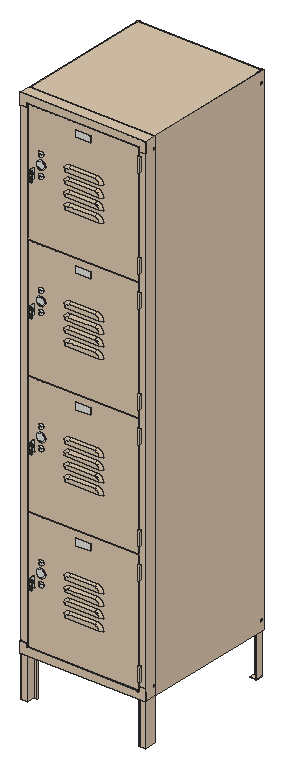
Revit family "Metal_Lockers-Salsbury_Industries-18_54000_Series-1_Wide_Units", category Specialty Equipment, Revit 2026
Family settings
  Round Connector Dimension = Use Diameter
  Part Type = Normal
  Classification Number = 23.40.00.00
  Work Plane-Based = No
  Enable Cutting in Views = No
  Always vertical = Yes
  Cut with Voids When Loaded = No
  Maintain Annotation Orientation = No
  Shared = No
  Room Calculation Point = No
Parameters (values of type "18-54161 - with Standard 6" High Legs")
  Zee Base Corner - Right Side [instance] = Metal Locker Zee Base Corner : None
  Zee Base Corner - Left Side [instance] = Metal Locker Zee Base Corner : None
  Zee Base - Right Side [instance] = Metal Locker Zee Base-Right Side : None
  Zee Base - Left Side [instance] = Metal Locker Zee Base-Left Side : None
  Zee Base = Metal Locker Zee Base : None
  Width = 18.040"
  Version = "2.0 (02/28/18)"
  Unit Height including Sloping Hood Only [instance] = 84.796"
  Unit Height = 72.000"
  URL = "www.lockers.com"
  Type Comments = "18\" Wide Standard Metal Locker - Four Tier"
  Total Door(s) Height [instance] = 69.81949"
  Test Data = "https://www.lockers.com/videolibrary/"
  Specification = "https://www.lockers.com/architect-resources//"
  Sloping Top In-Line Filler - Right Side [instance] = Metal Locker Sloping Top Filler : None
  Sloping Top In-Line Filler - Left Side [instance] = Metal Locker Sloping Top Filler : None
  Sloping Top Corner Filler - Right Side [instance] = Metal Locker Sloping Corner Filler : None
  Sloping Top Corner Filler - Left Side [instance] = Metal Locker Sloping Corner Filler : None
  Sloping Hood Height = if(Depth = 18.010", 10.739", if(Depth = 21.010", 12.796", 0.000"))  # 12.796"
  Sloping Hood [instance] = Metal Locker Sloping Hood : None
  Sloping Corner Filler Offset = if(Base Height = 6.000", 77.680", if(Base Height = 4.000", 75.680", if(Base Height = 0.000", 71.680", 0.000")))  # 77.680"
  Sales Information = "https://www.lockers.com/request_a_quote/"
  Right Side Base [instance] = Metal Locker Right Side Base : None
  Revision = "R1_2018-10"
  Product Data = "https://www.lockers.com/downloads__catalog/"
  Primary Structure Material [instance] = Steel - Salsbury Finish = Tan
  Overall Width including Rivets [instance] = 18.120"
  Unit Height including Base Only [instance] = 78.000"
  Overall Unit Height (including Base and Sloping Hood) [instance] = 90.796"
  OmniClass 23 Title = "Equipment and Furnishings"
  OmniClass 23 Number = "23.40.00.00"
  Model = "18-54161"
  MasterFormat Title = "Lockers"
  MasterFormat Number = "10 51 13"
  Manufacturer Website = "https://www.lockers.com/"
  Manufacturer Phone - Toll Free = "1-800-562-5377"
  Manufacturer Phone = "(323) 846-6700"
  Manufacturer Fax = "1-800-562-5399"
  Manufacturer Address = "1010 East 62nd Street, Los Angeles, CA 90001-1598"
  Manufacturer = "Salsbury Industries"
  Left Side Base [instance] = Metal Locker Left Side Base : None
  Keynote = "10 51 00"
  Installation-Fabrication = "https://www.lockers.com/downloads__installation_instructions/"
  Individual Door Height = 17.360"
  Hasp Plate Rivet Material = Steel -Salsbury Finish - Polished Steel
  Hasp Handle Material = Plastic - Salsbury Finish - Black
  Green Building-LEED = "https://www.arcat.com/green/green_building.shtml"
  Front Vertical Filler - Right [instance] = Metal Locker Front Filler : None
  Front Vertical Filler - Left [instance] = Metal Locker Front Filler : None
  Front Base [instance] = Metal Locker Front Base : None
  Flat Top In-Line Filler - Right Side [instance] = Metal Locker Flat Top Filler : None
  Flat Top In-Line Filler - Left Side [instance] = Metal Locker Flat Top Filler : None
  Flat Top Corner Filler - Right Side [instance] = Metal Locker Flat Corner Filler : None
  Flat Top Corner Filler - Left Side [instance] = Metal Locker Flat Corner Filler : None
  Individual Door Width [instance] = 15.90055"
  End Panel - Right Side [instance] = Metal Locker End Panel : None
  End Panel - Left Side [instance] = Metal Locker End Panel : None
  Drawn By = "Sumex Design, Inc. / Robert S. Weygant, CSI, CDT, SCIP"
  Door Location D1 = Metal Locker Doors-18 inch with Latch Hasps : Four Tier Door - 6 foot
  Description = "1 Wide - 6 Feet High - 21 Inches Deep"
  Depth = 21.010"
  Default Elevation = 0.000"
  Copyright = "©Arcat Inc."
  Construction Details = "https://www.lockers.com/downloads__catalog/"
  Compartment Divider Height = Individual Door Height - 0.375"  # 16.985"
  Category = ""
  Building Codes = "https://www.lockers.com/downloads__forms_and_information/"
  Base Height = 6.000"
  Standard Leg Base = Metal Locker Legs : 6" High - 18"W x 21"D
  Assembly Code = "C1030310"
Reference planes (in)
  plane 1 "Center (Front/Back)": y = 0
  plane 2: z = 0
  plane 3 "Center (Left/Right)": x = 0
  plane 4 "Floor": z = 0
  plane 5 "Bottom of Unit": z = 6
  plane 6 "Top of Unit": z = 78
  plane 7 "Left Side of Unit": x = -9.02
  plane 8 "Right Side of Unit": x = 9.02
  plane 9 "Back of Unit": y = 10.505
  plane 10 "Front of Unit": y = -10.505
  plane 11 "Top of Sloping Hood": z = 90.796
  plane 12 "Left Rivet": x = -9.06
  plane 13 "Right Rivet": x = 9.06
  plane 14 "Right Side of Door Opening": x = 8.02
  plane 15 "Left Side of Door Opening": x = -8.02
  plane 16 "Top of Door Opening": z = 77
  plane 17 "Bottom of Door Opening": z = 7
  plane 18 "Back Edge of Front Facing": y = -8.917
  plane 19 "Front Plate Plane": y = -10.565
  plane 20 "Horizontal Center of Top Rivets": z = 76.5
  plane 21 "Horiz Center of Bottom Rivets": z = 7.5
  plane 22 "Vertical Center of Back Rivets": y = 10.005
  plane 23 "Vertical Center of Front Rivets": y = -9.255
  plane 24 "Right Align Top Filler Overlap": x = 8.435
  plane 25 "Left Align Top Filler Overlap": x = -8.435
  plane 26 "Corner Filler Align-Left": x = -9.08
  plane 27 "Corner Filler Align-Right": x = 9.08
  plane 28 "Left Side of Door": x = -7.95029
  plane 29 "Right Side of Door": x = 7.95026
  plane 30 "Top of Door 1": z = 76.90976
  plane 31 "Bottom of Bottom Door": z = 7.09027
  plane 32 "Zee Base Offset": x = -8.669
  plane 33: x = 8.669
  plane 34 "Compartment Align 3": z = 24.985
  plane 35: x = -8.96
  plane 36: x = 8.96
  plane 37: x = -8.635
  plane 38: x = 8.635
  plane 39: y = 10.445
  plane 40: y = 10.395
  plane 41: y = 9.645
  plane 42: x = -8.9
  plane 43: x = 8.9
  plane 44: x = -8.095
  plane 45: x = 8.095
  plane 46: z = 77.94
  plane 47: z = 24.925
  plane 48: z = 23.985
  plane 49: z = 6.9204
  plane 50: z = 6.18539
  plane 51: z = 76.40796
  plane 52: z = 7.59204
  plane 53: z = 23.985
  plane 54: z = 24.45027
  plane 55: z = 24.57576
  plane 56: z = 41.93576
  plane 57: z = 42.06276
  plane 58: z = 41.43527
  plane 59: z = 42.37527
  plane 60 "Compartment Align 2": z = 42.43527
  plane 61: z = 53.72076
  plane 62: z = 59.42276
  plane 63: z = 59.54976
  plane 64: z = 58.92076
  plane 65: z = 59.86076
  plane 66 "Compartment Align 1": z = 59.92076
  plane 67: z = 71.20625
Forms (in)
  Sweep 1, solid, material "Steel - Salsbury Finish = Tan" <- "Primary Structure Material"
    path origin (0, -10.505, 0) x (1, 0, 0) y (0, 0, 1)
      loop
        line (-9.02, 78) -> (-9.02, 6) -> (9.02, 6) -> (9.02, 78) -> (-9.02, 78)
    profile origin (0, -10.505, 78) x (0, 0, 1) y (0, -1, 0)
      loop
        line (0, 0) -> (-1, 0) -> (-1, -1.588) -> (0, -1.588) -> (0, 0)
  Extrusion 2, solid, material "Steel - Salsbury Finish = Tan" <- "Primary Structure Material"
    sketch origin (0, 0, 6) x (0, -1, 0) y (1, 0, 0)
      loop
        line (8.917, 9.02) -> (-10.505, 9.02) -> (-10.505, 8.635) -> (-10.445, 8.635) -> (-10.445, 8.96) -> (8.917, 8.96) -> (8.917, 9.02)
    from 0 to 72
  Extrusion 3, solid, material "Steel - Salsbury Finish = Tan" <- "Primary Structure Material"
    sketch origin (0, 0, 6) x (0, -1, 0) y (1, 0, 0)
      loop
        line (8.917, -9.02) -> (8.917, -8.96) -> (-10.445, -8.96) -> (-10.445, -8.635) -> (-10.505, -8.635) -> (-10.505, -9.02) -> (8.917, -9.02)
    from 0 to 72
  Extrusion 4, solid, material "Steel - Salsbury Finish = Tan" <- "Primary Structure Material"
    sketch origin (0, 0, 6) x (0, -1, 0) y (1, 0, 0)
      loop
        line (-10.445, -8.96) -> (-9.645, -8.96) -> (-9.645, -8.9) -> (-10.395, -8.9) -> (-10.395, 8.9) -> (-9.645, 8.9) -> (-9.645, 8.96) -> (-10.445, 8.96) -> (-10.445, -8.96)
    from 0 to 72
  Sweep 5, solid, material "Steel - Salsbury Finish = Tan" <- "Primary Structure Material"
    path origin (0, 0, 7) x (0, -1, 0) y (1, 0, 0)
      loop
        line (8.917, -8.96) -> (8.917, 8.96) -> (-9.645, 8.96) -> (-9.645, 8.9) -> (-10.395, 8.9) -> (-10.395, -8.9) -> (-9.645, -8.9) -> (-9.645, -8.96) -> (8.917, -8.96)
    profile origin (-8.96, 0.364, 7) x (-1, 0, 0) y (0, 0, 1)
      loop
        line (0, -0.81461) -> (0, -0.0796) -> (-0.06, -0.0796) -> (-0.06, -0.81461) -> (0, -0.81461)
  Extrusion 6, solid, material "Steel - Salsbury Finish = Tan" <- "Primary Structure Material"
    sketch origin (0, 0, 7) x (0, -1, 0) y (1, 0, 0)
      loop
        line (-10.395, -8.9) -> (-9.645, -8.9) -> (-9.645, -8.96) -> (8.917, -8.96) -> (8.917, 8.96) -> (-9.645, 8.96) -> (-9.645, 8.9) -> (-10.395, 8.9) -> (-10.395, -8.9)
    from -0.0796 to 0
  Extrusion 7, solid, material "Steel - Salsbury Finish = Tan" <- "Primary Structure Material"
    sketch origin (0, 0, 78) x (0, -1, 0) y (1, 0, 0)
      loop
        line (-10.395, -8.9) -> (-9.645, -8.9) -> (-9.645, -8.96) -> (8.917, -8.96) -> (8.917, 8.96) -> (-9.645, 8.96) -> (-9.645, 8.9) -> (-10.395, 8.9) -> (-10.395, -8.9)
    from -0.06 to 0
  Extrusion 8, solid, material "Steel - Salsbury Finish = Tan" <- "Primary Structure Material"
    sketch origin (0, -10.565, 0) x (0, 0, -1) y (1, 0, 0)
      loop
        line (-78, -9.02) -> (-76.47656, -9.02)
        arc (-76.47656, -9.02) -> (-76.42806, -8.99991) -> (-76.40796, -8.9514) r 0.0686
        line (-76.40796, -8.9514) -> (-76.40796, -8.16351)
        arc (-76.40796, -8.16351) -> (-76.42809, -8.11506) -> (-76.47656, -8.095) r 0.0686
        line (-76.47656, -8.095) -> (-77, -8.095) -> (-77, 8.095) -> (-76.47656, 8.095)
        arc (-76.47656, 8.095) -> (-76.42809, 8.11506) -> (-76.40796, 8.16351) r 0.0686
        line (-76.40796, 8.16351) -> (-76.40796, 8.9514)
        arc (-76.40796, 8.9514) -> (-76.42806, 8.99991) -> (-76.47656, 9.02) r 0.0686
        line (-76.47656, 9.02) -> (-78, 9.02) -> (-78, -9.02)
    from -0.06 to 0
  Extrusion 9, solid, material "Steel - Salsbury Finish = Tan" <- "Primary Structure Material"
    sketch origin (0, -10.565, 84) x (0, 0, 1) y (-1, 0, 0)
      loop
        line (-78, 9.02) -> (-78, -9.02) -> (-76.47656, -9.02)
        arc (-76.47656, -9.02) -> (-76.42806, -8.99991) -> (-76.40796, -8.9514) r 0.0686
        line (-76.40796, -8.9514) -> (-76.40796, -8.16351)
        arc (-76.40796, -8.16351) -> (-76.42809, -8.11506) -> (-76.47656, -8.095) r 0.0686
        line (-76.47656, -8.095) -> (-77, -8.095) -> (-77, 8.095) -> (-76.47656, 8.095)
        arc (-76.47656, 8.095) -> (-76.42809, 8.11506) -> (-76.40796, 8.16351) r 0.0686
        line (-76.40796, 8.16351) -> (-76.40796, 8.9514)
        arc (-76.40796, 8.9514) -> (-76.42806, 8.99991) -> (-76.47656, 9.02) r 0.0686
        line (-76.47656, 9.02) -> (-78, 9.02)
    from -0.06 to 0
  Blend 10, solid, material "Steel -Salsbury Finish - Polished Steel" <- "Hasp Plate Rivet Material"
    base sketch origin (9.02, 0, 0) x (0, 0, -1) y (0, -1, 0)
      loop
        circle (-76.5, 9.255) r 0.187
    top sketch origin (9.02, 0, 0) x (0, 0, -1) y (0, -1, 0)
      loop
        circle (-76.5, 9.255) r 0.05319
    from 0 to -0.04
  Blend 11, solid, material "Steel -Salsbury Finish - Polished Steel" <- "Hasp Plate Rivet Material"
    base sketch origin (9.02, 0, -69) x (0, 0, -1) y (0, -1, 0)
      loop
        circle (-76.5, 9.255) r 0.187
    top sketch origin (9.02, 0, -69) x (0, 0, -1) y (0, -1, 0)
      loop
        circle (-76.5, 9.255) r 0.05319
    from 0 to -0.04
  Blend 12, solid, material "Steel -Salsbury Finish - Polished Steel" <- "Hasp Plate Rivet Material"
    base sketch origin (9.02, 10.26, -69) x (0, 0, -1) y (0, -1, 0)
      loop
        circle (-76.5, 0.255) r 0.187
    top sketch origin (9.02, 10.26, -69) x (0, 0, -1) y (0, -1, 0)
      loop
        circle (-76.5, 0.255) r 0.05319
    from 0 to -0.04
  Blend 13, solid, material "Steel -Salsbury Finish - Polished Steel" <- "Hasp Plate Rivet Material"
    base sketch origin (9.02, 10.26, 0.0043) x (0, 0, -1) y (0, -1, 0)
      loop
        circle (-76.5, 0.255) r 0.187
    top sketch origin (9.02, 10.26, 0.0043) x (0, 0, -1) y (0, -1, 0)
      loop
        circle (-76.5, 0.255) r 0.05319
    from 0 to -0.04
  Blend 14, solid, material "Steel -Salsbury Finish - Polished Steel" <- "Hasp Plate Rivet Material"
    base sketch origin (-6.02, 0, -69) x (0, 0, -1) y (0, 1, 0)
      loop
        circle (-76.5, -9.255) r 0.187
    top sketch origin (-6.02, 0, -69) x (0, 0, -1) y (0, 1, 0)
      loop
        circle (-76.5, -9.255) r 0.05319
    from -3 to -3.04
  Blend 15, solid, material "Steel -Salsbury Finish - Polished Steel" <- "Hasp Plate Rivet Material"
    base sketch origin (-6.02, 10.26, -69) x (0, 0, -1) y (0, 1, 0)
      loop
        circle (-76.5, -0.255) r 0.187
    top sketch origin (-6.02, 10.26, -69) x (0, 0, -1) y (0, 1, 0)
      loop
        circle (-76.5, -0.255) r 0.05319
    from -3 to -3.04
  Blend 16, solid, material "Steel -Salsbury Finish - Polished Steel" <- "Hasp Plate Rivet Material"
    base sketch origin (-6.02, 0, 0) x (0, 0, -1) y (0, 1, 0)
      loop
        circle (-76.5, -9.255) r 0.187
    top sketch origin (-6.02, 0, 0) x (0, 0, -1) y (0, 1, 0)
      loop
        circle (-76.5, -9.255) r 0.05319
    from -3 to -3.04
  Blend 17, solid, material "Steel -Salsbury Finish - Polished Steel" <- "Hasp Plate Rivet Material"
    base sketch origin (-6.02, 10.26, 0.00039) x (0, 0, -1) y (0, 1, 0)
      loop
        circle (-76.5, -0.255) r 0.187
    top sketch origin (-6.02, 10.26, 0.00039) x (0, 0, -1) y (0, 1, 0)
      loop
        circle (-76.5, -0.255) r 0.05319
    from -3 to -3.04
  Extrusion 18, solid, material "Steel - Salsbury Finish = Tan" <- "Primary Structure Material"
    sketch origin (0, 0, 24.985) x (0, -1, 0) y (1, 0, 0)
      loop
        line (-10.395, -8.9) -> (-9.645, -8.9) -> (-9.645, -8.96) -> (8.917, -8.96) -> (8.917, 8.96) -> (-9.645, 8.96) -> (-9.645, 8.9) -> (-10.395, 8.9) -> (-10.395, -8.9)
    from -0.06 to 0
  Sweep 19, solid, material "Steel - Salsbury Finish = Tan" <- "Primary Structure Material"
    path origin (0, 0, 24.985) x (0, -1, 0) y (1, 0, 0)
      loop
        line (8.917, -8.96) -> (8.917, 8.96) -> (-9.645, 8.96) -> (-9.645, 8.9) -> (-10.395, 8.9) -> (-10.395, -8.9) -> (-9.645, -8.9) -> (-9.645, -8.96) -> (8.917, -8.96)
    profile origin (-8.96, 0.364, 24.985) x (-1, 0, 0) y (0, 0, 1)
      loop
        line (0, -1) -> (0, -0.06) -> (-0.06, -0.06) -> (-0.06, -1) -> (0, -1)
  Extrusion 20, solid, material "Steel - Salsbury Finish = Tan" <- "Primary Structure Material"
    sketch origin (0, 0, 54.72076) x (0, -1, 0) y (1, 0, 0)
      loop
        line (-10.395, -8.9) -> (-9.645, -8.9) -> (-9.645, -8.96) -> (8.917, -8.96) -> (8.917, 8.96) -> (-9.645, 8.96) -> (-9.645, 8.9) -> (-10.395, 8.9) -> (-10.395, -8.9)
    from -12.34549 to -12.28549
  Sweep 21, solid, material "Steel - Salsbury Finish = Tan" <- "Primary Structure Material"
    path origin (0, 0, 42.43527) x (0, -1, 0) y (1, 0, 0)
      loop
        line (8.917, -8.96) -> (8.917, 8.96) -> (-9.645, 8.96) -> (-9.645, 8.9) -> (-10.395, 8.9) -> (-10.395, -8.9) -> (-9.645, -8.9) -> (-9.645, -8.96) -> (8.917, -8.96)
    profile origin (-8.96, 0.364, 42.43527) x (-1, 0, 0) y (0, 0, 1)
      loop
        line (0, -1) -> (0, -0.06) -> (-0.06, -0.06) -> (-0.06, -1) -> (0, -1)
  Extrusion 22, solid, material "Steel - Salsbury Finish = Tan" <- "Primary Structure Material"
    sketch origin (0, 0, 59.92076) x (0, -1, 0) y (1, 0, 0)
      loop
        line (-10.395, -8.9) -> (-9.645, -8.9) -> (-9.645, -8.96) -> (8.917, -8.96) -> (8.917, 8.96) -> (-9.645, 8.96) -> (-9.645, 8.9) -> (-10.395, 8.9) -> (-10.395, -8.9)
    from -0.06 to 0
  Sweep 23, solid, material "Steel - Salsbury Finish = Tan" <- "Primary Structure Material"
    path origin (0, 0, 59.92076) x (0, -1, 0) y (1, 0, 0)
      loop
        line (8.917, -8.96) -> (8.917, 8.96) -> (-9.645, 8.96) -> (-9.645, 8.9) -> (-10.395, 8.9) -> (-10.395, -8.9) -> (-9.645, -8.9) -> (-9.645, -8.96) -> (8.917, -8.96)
    profile origin (-8.96, 0.364, 59.92076) x (-1, 0, 0) y (0, 0, 1)
      loop
        line (0, -1) -> (0, -0.06) -> (-0.06, -0.06) -> (-0.06, -1) -> (0, -1)
Lines and regions (in)
  reference lines
    curve 1: line (-32.59242, -10.565, 78) -> (39.15758, -10.565, 78)
  symbolic lines
    curve 2: line (-9.02, 10.505, 78) -> (9.02, 10.505, 78)
    curve 3: line (-9.02, -10.565, 78) -> (-9.02, 10.505, 78)
    curve 4: line (9.02, -10.565, 78) -> (-9.02, -10.565, 78)
    curve 5: line (9.02, 10.505, 78) -> (9.02, -10.565, 78)
    curve 6: line (-9.06, -9.30819, 78) -> (-9.02, -9.44291, 78)
    curve 7: line (-9.02, -9.07792, 78) -> (-9.06, -9.20181, 78)
    curve 8: line (-9.06, -9.30819, 78) -> (-9.06, -9.20181, 78)
    curve 9: line (-9.06, 9.95181, 78) -> (-9.02, 9.8182, 78)
    curve 10: line (-9.06, 10.05819, 78) -> (-9.02, 10.19168, 78)
    curve 11: line (-9.06, 10.05819, 78) -> (-9.06, 9.95181, 78)
    curve 12: line (9.06, 10.05819, 78) -> (9.02, 10.20747, 78)
    curve 13: line (9.06, 9.95181, 78) -> (9.02, 9.8179, 78)
    curve 14: line (9.06, 10.05819, 78) -> (9.06, 9.95181, 78)
    curve 15: line (9.06, -9.20181, 78) -> (9.02, -9.07098, 78)
    curve 16: line (9.06, -9.30819, 78) -> (9.02, -9.44769, 78)
    curve 17: line (9.06, -9.20181, 78) -> (9.06, -9.30819, 78)
Dimensions and locks (in)
  equal spacing: plane 7 "Left Side of Unit", plane 3 "Center (Left/Right)", plane 8 "Right Side of Unit"
  "Width": plane 7 "Left Side of Unit" to plane 8 "Right Side of Unit"
  "Base Height": plane 5 "Bottom of Unit" to plane 4 "Floor"
  "Unit Height": plane 6 "Top of Unit" to plane 5 "Bottom of Unit"
  "Unit Height including Base Only": plane 6 "Top of Unit" to plane 4 "Floor"
  equal spacing: plane 10 "Front of Unit", plane 1 "Center (Front/Back)", plane 9 "Back of Unit"
  "Depth": plane 10 "Front of Unit" to plane 9 "Back of Unit"
  "Sloping Hood Height": plane 11 "Top of Sloping Hood" to plane 6 "Top of Unit"
  "Overall Unit Height (including Base and Sloping Hood)": plane 11 "Top of Sloping Hood" to plane 4 "Floor"
  locked: plane 12 "Left Rivet" to plane 7 "Left Side of Unit" at 0.04
  locked: plane 8 "Right Side of Unit" to plane 13 "Right Rivet" at 0.04
  "Overall Width including Rivets": plane 12 "Left Rivet" to plane 13 "Right Rivet"
  plane 6 "Top of Unit" to plane 16 "Top of Door Opening" to plane 30 "Top of Door 1" to plane 51 = 1.000" locked, 0.09024", 0.5018"
  plane 52 to plane 31 "Bottom of Bottom Door" to plane 17 "Bottom of Door Opening" to plane 5 "Bottom of Unit" = 0.50177", 0.09027", 1.000" locked
  plane 7 "Left Side of Unit" to plane 15 "Left Side of Door Opening" to plane 28 "Left Side of Door" = 1.000" locked, 0.06971"
  plane 29 "Right Side of Door" to plane 14 "Right Side of Door Opening" to plane 8 "Right Side of Unit" = 0.06974", 1.000" locked
  plane 19 "Front Plate Plane" to plane 10 "Front of Unit" to plane 18 "Back Edge of Front Facing" = 0.060" locked, 1.588" locked
  "Unit Height including Sloping Hood Only": plane 11 "Top of Sloping Hood" to plane 5 "Bottom of Unit"
  locked: plane 20 "Horizontal Center of Top Rivets" to plane 6 "Top of Unit" at 1.5
  locked: plane 5 "Bottom of Unit" to plane 21 "Horiz Center of Bottom Rivets" at 1.5
  locked: plane 22 "Vertical Center of Back Rivets" to plane 9 "Back of Unit" at 0.5
  locked: plane 10 "Front of Unit" to plane 23 "Vertical Center of Front Rivets" at 1.25
  locked: plane 24 "Right Align Top Filler Overlap" to plane 13 "Right Rivet" at 0.625
  locked: plane 12 "Left Rivet" to plane 25 "Left Align Top Filler Overlap" at 0.625
  locked: plane 8 "Right Side of Unit" to plane 27 "Corner Filler Align-Right" at 0.06
  locked: plane 26 "Corner Filler Align-Left" to plane 7 "Left Side of Unit" at 0.06
  "Individual Door Width": plane 28 "Left Side of Door" to plane 29 "Right Side of Door"
  "Total Door(s) Height": plane 30 "Top of Door 1" to plane 31 "Bottom of Bottom Door"
  plane 7 "Left Side of Unit" to plane 32 "Zee Base Offset" = 0.351"
  plane 33 to plane 8 "Right Side of Unit" = 0.351"
  plane 34 "Compartment Align 3" to plane 47 to plane 53 = 0.060" locked, 0.940" locked
  plane 7 "Left Side of Unit" to plane 35 to plane 42 to plane 37 = 0.060" locked, 0.060" locked, 0.265" locked
  plane 38 to plane 43 to plane 36 to plane 8 "Right Side of Unit" = 0.265" locked, 0.060", 0.060"
  plane 41 to plane 40 to plane 39 to plane 9 "Back of Unit" = 0.750" locked, 0.050", 0.060"
  locked: plane 7 "Left Side of Unit" to plane 44 at 0.925
  locked: plane 45 to plane 8 "Right Side of Unit" at 0.925
  locked: plane 6 "Top of Unit" to plane 46 at 0.06
  plane 47 to plane 48 = 0.940"
  locked: plane 17 "Bottom of Door Opening" to plane 49 at 0.0796
  plane 49 to plane 50 = 0.73501"
  "Compartment Divider Height": plane 53 to plane 17 "Bottom of Door Opening"
  "Individual Door Height": plane 54 to plane 31 "Bottom of Bottom Door"
  locked: plane 55 to plane 54 at 0.12549
  locked: plane 57 to plane 56 at 0.127
  "Individual Door Height": plane 56 to plane 55
  plane 60 "Compartment Align 2" to plane 59 to plane 58 = 0.060" locked, 0.940" locked
  locked: plane 63 to plane 62 at 0.127
  "Individual Door Height": plane 62 to plane 57
  "Compartment Divider Height": plane 58 to plane 54
  "Compartment Divider Height": plane 64 to plane 56
  plane 66 "Compartment Align 1" to plane 65 to plane 64 = 0.060", 0.940"
  aligned and locked: level to plane 2
  aligned and locked: Extrusion 2 to plane 6 "Top of Unit"
  aligned and locked: Extrusion 3 to plane 6 "Top of Unit"
  aligned and locked: Extrusion 4 to plane 6 "Top of Unit"
  aligned and locked: Extrusion 8 to plane 10 "Front of Unit"
  aligned and locked: Extrusion 9 to plane 10 "Front of Unit"
  aligned and locked: Extrusion 6 to plane 17 "Bottom of Door Opening"
  aligned and locked: plane 4 "Floor" to nested 2
  aligned and locked: plane 5 "Bottom of Unit" to Extrusion 9
  aligned and locked: plane 8 "Right Side of Unit" to nested 6
  aligned and locked: plane 7 "Left Side of Unit" to nested 7
  aligned and locked: Blend 10 to plane 13 "Right Rivet"
  aligned and locked: plane 8 "Right Side of Unit" to Blend 10
  aligned and locked: Blend 15 to plane 7 "Left Side of Unit"
  aligned and locked: Blend 14 to plane 7 "Left Side of Unit"  (x2)
  aligned and locked: plane 12 "Left Rivet" to Blend 14
  aligned and locked: plane 12 "Left Rivet" to Blend 15
  aligned and locked: Blend 14 to plane 12 "Left Rivet"
  aligned and locked: Blend 17 to plane 7 "Left Side of Unit"
  aligned and locked: plane 12 "Left Rivet" to Blend 17
  aligned and locked: Blend 16 to plane 7 "Left Side of Unit"
  aligned and locked: plane 12 "Left Rivet" to Blend 16
  aligned and locked: plane 5 "Bottom of Unit" to nested 10
  aligned and locked: plane 13 "Right Rivet" to nested 10
  aligned and locked: plane 12 "Left Rivet" to nested 11
  aligned and locked: nested 11 to plane 10 "Front of Unit"
  aligned and locked: plane 13 "Right Rivet" to nested 12
  aligned and locked: plane 10 "Front of Unit" to nested 12
  aligned and locked: plane 6 "Top of Unit" to nested 12
  aligned and locked: plane 12 "Left Rivet" to nested 13
  aligned and locked: plane 10 "Front of Unit" to nested 13
  aligned and locked: plane 6 "Top of Unit" to nested 13
  aligned and locked: plane 6 "Top of Unit" to nested 14
  aligned and locked: nested 14 to plane 19 "Front Plate Plane"
  aligned and locked: nested 14 to plane 24 "Right Align Top Filler Overlap"
  aligned and locked: nested 15 to plane 25 "Left Align Top Filler Overlap"
  aligned and locked: nested 15 to plane 19 "Front Plate Plane"
  aligned and locked: nested 10 to nested 15
  aligned and locked: plane 19 "Front Plate Plane" to nested 16
  aligned and locked: plane 6 "Top of Unit" to nested 16
  aligned and locked: nested 17 to plane 6 "Top of Unit"
  aligned and locked: nested 17 to plane 19 "Front Plate Plane"
  aligned and locked: plane 19 "Front Plate Plane" to nested 18
  aligned and locked: nested 19 to plane 24 "Right Align Top Filler Overlap"
  aligned and locked: nested 19 to plane 19 "Front Plate Plane"
  aligned and locked: plane 16 "Top of Door Opening" to nested 19
  aligned and locked: nested 20 to plane 16 "Top of Door Opening"
  aligned and locked: nested 20 to plane 25 "Left Align Top Filler Overlap"
  aligned and locked: nested 20 to plane 19 "Front Plate Plane"
  aligned and locked: nested 11 to plane 6 "Top of Unit"
  aligned and locked: plane 10 "Front of Unit" to nested 10
  aligned and locked: plane 10 "Front of Unit" to nested 22
  aligned and locked: plane 10 "Front of Unit" to nested 1
  aligned and locked: plane 10 "Front of Unit" to nested 2
  aligned and locked: plane 6 "Top of Unit" to nested 18
  aligned and locked: plane 7 "Left Side of Unit" to nested 17
  aligned and locked: plane 32 "Zee Base Offset" to nested 9
  aligned and locked: plane 18 "Back Edge of Front Facing" to nested 9
  aligned and locked: nested 8 to plane 18 "Back Edge of Front Facing"
  aligned and locked: plane 33 to nested 8
  aligned and locked: Sweep 19 sketch curve to Extrusion 18
  aligned and locked: plane 7 "Left Side of Unit" to Extrusion 3
  aligned and locked: Extrusion 3 to plane 9 "Back of Unit"
  aligned and locked: Extrusion 2 to plane 8 "Right Side of Unit"
  aligned and locked: Extrusion 2 to plane 9 "Back of Unit"
  aligned and locked: plane 18 "Back Edge of Front Facing" to Extrusion 3
  aligned and locked: plane 18 "Back Edge of Front Facing" to Extrusion 2
  aligned and locked: plane 35 to Extrusion 3
  aligned and locked: Extrusion 2 to plane 36
  aligned and locked: Extrusion 3 to plane 37
  aligned and locked: Extrusion 2 to plane 38
  aligned and locked: Extrusion 3 to plane 39
  aligned and locked: plane 39 to Extrusion 2
  aligned and locked: Extrusion 4 to plane 39
  aligned and locked: Extrusion 4 to plane 40
  aligned and locked: Extrusion 4 to plane 35
  aligned and locked: Extrusion 4 to plane 41
  aligned and locked: plane 41 to Extrusion 4
  aligned and locked: Extrusion 4 to plane 42
  aligned and locked: Extrusion 4 to plane 43
  aligned and locked: Extrusion 7 to plane 40
  aligned and locked: Extrusion 7 to plane 42
  aligned and locked: Extrusion 7 to plane 35  (x2)
  aligned and locked: plane 41 to Extrusion 7
  aligned and locked: plane 43 to Extrusion 7
  aligned and locked: Extrusion 7 to plane 41
  aligned and locked: Extrusion 7 to plane 36  (x2)
  aligned and locked: plane 18 "Back Edge of Front Facing" to Extrusion 7
  aligned and locked: plane 18 "Back Edge of Front Facing" to Extrusion 6
  aligned and locked: Extrusion 6 to plane 40
  aligned and locked: plane 43 to Extrusion 6
  aligned and locked: Extrusion 6 to plane 41
  aligned and locked: Extrusion 6 to plane 36
  aligned and locked: Extrusion 6 to plane 42
  aligned and locked: plane 41 to Extrusion 6
  aligned and locked: Extrusion 6 to plane 35
  aligned and locked: Sweep 5 to plane 40
  aligned and locked: Sweep 5 to plane 41
  aligned and locked: plane 43 to Sweep 5
  aligned and locked: Sweep 5 to plane 36
  aligned and locked: plane 18 "Back Edge of Front Facing" to Sweep 5
  aligned and locked: Sweep 5 to plane 35
  aligned and locked: plane 41 to Sweep 5
  aligned and locked: Sweep 5 to plane 42
  aligned and locked: plane 42 to Sweep 5 sketch curve  (x2)
  aligned and locked: Sweep 5 sketch curve to plane 40
  aligned and locked: Sweep 5 sketch curve to plane 41
  aligned and locked: Sweep 5 sketch curve to plane 35  (x2)
  aligned and locked: Sweep 5 sketch curve to plane 43
  aligned and locked: plane 41 to Sweep 5 sketch curve
  aligned and locked: Sweep 5 sketch curve to plane 36
  aligned and locked: Sweep 5 sketch curve to plane 18 "Back Edge of Front Facing"
  aligned and locked: Extrusion 18 to plane 40
  aligned and locked: plane 43 to Extrusion 18
  aligned and locked: Extrusion 18 to plane 41
  aligned and locked: Extrusion 18 to plane 36
  aligned and locked: plane 18 "Back Edge of Front Facing" to Extrusion 18
  aligned and locked: Extrusion 18 to plane 35
  aligned and locked: plane 41 to Extrusion 18
  aligned and locked: Extrusion 18 to plane 42
  aligned and locked: Sweep 19 sketch curve to plane 40
  aligned and locked: Sweep 19 sketch curve to plane 43
  aligned and locked: plane 41 to Sweep 19 sketch curve
  aligned and locked: Sweep 19 sketch curve to plane 36
  aligned and locked: Sweep 19 sketch curve to plane 18 "Back Edge of Front Facing"
  aligned and locked: Sweep 19 sketch curve to plane 35  (x2)
  aligned and locked: Sweep 19 sketch curve to plane 41
  aligned and locked: plane 42 to Sweep 19 sketch curve  (x2)
  aligned and locked: plane 6 "Top of Unit" to Sweep 1 sketch curve  (x2)
  aligned and locked: Sweep 1 sketch curve to plane 7 "Left Side of Unit"
  aligned and locked: plane 8 "Right Side of Unit" to Sweep 1 sketch curve
  aligned and locked: Sweep 1 sketch curve to plane 5 "Bottom of Unit"
  aligned and locked: plane 10 "Front of Unit" to Sweep 1
  aligned and locked: Extrusion 8 to plane 19 "Front Plate Plane"
  aligned and locked: plane 10 "Front of Unit" to Extrusion 8
  aligned and locked: Extrusion 8 to plane 8 "Right Side of Unit"
  aligned and locked: plane 7 "Left Side of Unit" to Extrusion 8
  aligned and locked: plane 7 "Left Side of Unit" to Extrusion 9
  aligned and locked: plane 19 "Front Plate Plane" to Extrusion 9
  aligned and locked: Extrusion 9 to plane 8 "Right Side of Unit"
  aligned and locked: plane 44 to Extrusion 9
  aligned and locked: plane 45 to Extrusion 9
  aligned and locked: plane 45 to Extrusion 8
  aligned and locked: Extrusion 8 to plane 44
  aligned and locked: plane 29 "Right Side of Door" to nested 22
  aligned and locked: plane 18 "Back Edge of Front Facing" to Sweep 1 sketch curve
  aligned and locked: Sweep 1 sketch curve to plane 16 "Top of Door Opening"
  aligned and locked: Sweep 1 sketch curve to plane 10 "Front of Unit"
  aligned and locked: plane 5 "Bottom of Unit" to Extrusion 4
  aligned and locked: plane 36 to Extrusion 4
  aligned and locked: plane 5 "Bottom of Unit" to Extrusion 3
  aligned and locked: plane 5 "Bottom of Unit" to Extrusion 2
  aligned and locked: Extrusion 7 to plane 6 "Top of Unit"
  aligned and locked: plane 46 to Extrusion 7
  aligned and locked: Extrusion 18 to plane 34 "Compartment Align 3"
  aligned and locked: plane 47 to Extrusion 18
  aligned and locked: plane 48 to Sweep 19 sketch curve
  aligned and locked: plane 49 to Extrusion 6
  aligned and locked: Sweep 5 to plane 49
  aligned and locked: Sweep 5 sketch curve to plane 50
  aligned and locked: plane 49 to Sweep 5 sketch curve
  aligned and locked: plane 51 to Extrusion 8  (x2)
  aligned and locked: Extrusion 8 to plane 6 "Top of Unit"
  aligned and locked: plane 16 "Top of Door Opening" to Extrusion 8
  aligned and locked: Extrusion 9 to plane 17 "Bottom of Door Opening"
  aligned and locked: plane 52 to Extrusion 9
  aligned and locked: Extrusion 9 to plane 52
  aligned and locked: plane 4 "Floor" to nested 1
  aligned and locked: plane 8 "Right Side of Unit" to nested 1
  aligned and locked: Blend 12 to plane 13 "Right Rivet"
  aligned and locked: plane 8 "Right Side of Unit" to Blend 12
  aligned and locked: plane 8 "Right Side of Unit" to Blend 13
  aligned and locked: Blend 13 to plane 13 "Right Rivet"
  aligned and locked: plane 8 "Right Side of Unit" to Blend 11
  aligned and locked: Blend 11 to plane 13 "Right Rivet"
  aligned and locked: curve 4 to Extrusion 8
  aligned and locked: curve 5 to Extrusion 8
  aligned and locked: curve 8 to Blend 14
  aligned and locked: curve 11 to Blend 15
  aligned and locked: curve 14 to Blend 12
  aligned and locked: curve 17 to Blend 10
  aligned and locked: plane 53 to Sweep 19
  aligned and locked: nested 22 to plane 31 "Bottom of Bottom Door"
  aligned and locked: plane 55 to nested 23
  aligned and locked: plane 10 "Front of Unit" to nested 23
  aligned and locked: plane 29 "Right Side of Door" to nested 23
  aligned and locked: plane 29 "Right Side of Door" to nested 24
  aligned and locked: nested 24 to plane 57
  aligned and locked: Sweep 21 sketch curve to Extrusion 20
  aligned and locked: Extrusion 20 to plane 60 "Compartment Align 2"
  aligned and locked: plane 59 to Sweep 21
  aligned and locked: Sweep 21 sketch curve to plane 58
  aligned and locked: Extrusion 20 sketch curve to plane 40
  aligned and locked: Extrusion 20 sketch curve to plane 35
  aligned and locked: Extrusion 20 sketch curve to plane 42
  aligned and locked: plane 41 to Extrusion 20 sketch curve
  aligned and locked: plane 18 "Back Edge of Front Facing" to Extrusion 20 sketch curve
  aligned and locked: Extrusion 20 sketch curve to plane 36
  aligned and locked: plane 43 to Extrusion 20 sketch curve
  aligned and locked: Extrusion 20 sketch curve to plane 41
  aligned and locked: Sweep 21 sketch curve to plane 40
  aligned and locked: plane 42 to Sweep 21 sketch curve
  aligned and locked: Sweep 21 sketch curve to plane 35
  aligned and locked: Sweep 21 sketch curve to plane 41
  aligned and locked: Sweep 21 sketch curve to plane 18 "Back Edge of Front Facing"
  aligned and locked: Sweep 21 sketch curve to plane 36
  aligned and locked: plane 41 to Sweep 21 sketch curve
  aligned and locked: Sweep 21 sketch curve to plane 43
  aligned and locked: plane 63 to nested 25
  aligned and locked: plane 65 to Extrusion 22
  aligned and locked: Extrusion 22 to plane 66 "Compartment Align 1"
  aligned and locked: Sweep 23 sketch curve to plane 64
  aligned and locked: plane 65 to Sweep 23 sketch curve
  aligned and locked: Sweep 23 sketch curve to plane 35
  aligned and locked: Sweep 23 sketch curve to plane 41
  aligned and locked: plane 42 to Sweep 23 sketch curve
  aligned and locked: Sweep 23 sketch curve to plane 40
  aligned and locked: Sweep 23 sketch curve to plane 43
  aligned and locked: plane 41 to Sweep 23 sketch curve
  aligned and locked: Sweep 23 sketch curve to plane 36
  aligned and locked: Sweep 23 sketch curve to plane 18 "Back Edge of Front Facing"
  aligned and locked: Extrusion 22 to nested 5  (x2)
  aligned and locked: plane 41 to Extrusion 22
  aligned and locked: Extrusion 22 to Sweep 23  (x2)
  aligned and locked: plane 18 "Back Edge of Front Facing" to Extrusion 22
  aligned and locked: Extrusion 22 to plane 41
  aligned and locked: plane 29 "Right Side of Door" to nested 25
  aligned and locked: plane 10 "Front of Unit" to nested 25
  aligned and locked: plane 10 "Front of Unit" to nested 24
  aligned and locked: plane 9 "Back of Unit" to curve 2
  aligned and locked: plane 14 "Right Side of Door Opening" to nested 2
  aligned and locked: plane 8 "Right Side of Unit" to nested 16
  aligned and locked: nested 3 to plane 8 "Right Side of Unit"
  aligned and locked: plane 7 "Left Side of Unit" to nested 4
  aligned and locked: nested 21 to plane 7 "Left Side of Unit"
  aligned and locked: plane 8 "Right Side of Unit" to nested 26
Automatic sketch dimensions
  Extrusion 2 sketch curve to plane 8 "Right Side of Unit" = 0.000"
  plane 9 "Back of Unit" to Extrusion 2 sketch curve = 0.000"
  Extrusion 2 sketch curve to plane 38 = 0.000"
  plane 39 to Extrusion 2 sketch curve = 0.000"
  plane 18 "Back Edge of Front Facing" to Extrusion 2 sketch curve = 0.000"
  Extrusion 2 sketch curve to plane 36 = 0.000"
  Extrusion 3 sketch curve to plane 7 "Left Side of Unit" = 0.000"
  plane 9 "Back of Unit" to Extrusion 3 sketch curve = 0.000"
  Extrusion 3 sketch curve to plane 37 = 0.000"
  plane 39 to Extrusion 3 sketch curve = 0.000"
  plane 18 "Back Edge of Front Facing" to Extrusion 3 sketch curve = 0.000"
  Extrusion 3 sketch curve to plane 35 = 0.000"
  Extrusion 4 sketch curve to plane 35 = 0.000"
  plane 39 to Extrusion 4 sketch curve = 0.000"
  plane 40 to Extrusion 4 sketch curve = 0.000"
  plane 41 to Extrusion 4 sketch curve = 0.000"  (x2)
  Extrusion 4 sketch curve to plane 42 = 0.000"
  Extrusion 4 sketch curve to plane 43 = 0.000"
  Extrusion 4 sketch curve to plane 36 = 0.000"
  plane 40 to Extrusion 6 sketch curve = 0.000"
  Extrusion 6 sketch curve to plane 35 = 0.000"
  plane 41 to Extrusion 6 sketch curve = 0.000"  (x2)
  plane 18 "Back Edge of Front Facing" to Extrusion 6 sketch curve = 0.000"
  Extrusion 6 sketch curve to plane 42 = 0.000"
  Extrusion 6 sketch curve to plane 43 = 0.000"
  Extrusion 6 sketch curve to plane 36 = 0.000"
  plane 40 to Extrusion 7 sketch curve = 0.000"
  Extrusion 7 sketch curve to plane 35 = 0.000"
  plane 41 to Extrusion 7 sketch curve = 0.000"  (x2)
  plane 18 "Back Edge of Front Facing" to Extrusion 7 sketch curve = 0.000"
  Extrusion 7 sketch curve to plane 42 = 0.000"
  Extrusion 7 sketch curve to plane 43 = 0.000"
  Extrusion 7 sketch curve to plane 36 = 0.000"
  Extrusion 8 sketch curve to plane 6 "Top of Unit" = 0.000"
  Extrusion 8 sketch curve to plane 16 "Top of Door Opening" = 0.000"
  plane 44 to Extrusion 8 sketch curve = 0.000"
  plane 7 "Left Side of Unit" to Extrusion 8 sketch curve = 0.000"
  plane 45 to Extrusion 8 sketch curve = 0.000"
  plane 8 "Right Side of Unit" to Extrusion 8 sketch curve = 0.000"
  Extrusion 8 sketch curve to plane 51 = 0.000"  (x2)
  plane 20 "Horizontal Center of Top Rivets" to Extrusion 8 sketch curve = 0.02344"  (x4)
  Extrusion 8 sketch curve to Extrusion 8 sketch curve = 0.0686"
  Extrusion 8 sketch curve to plane 45 = 0.06851"
  Extrusion 9 sketch curve to plane 5 "Bottom of Unit" = 0.000"
  Extrusion 9 sketch curve to plane 17 "Bottom of Door Opening" = 0.000"
  plane 44 to Extrusion 9 sketch curve = 0.000"
  plane 7 "Left Side of Unit" to Extrusion 9 sketch curve = 0.000"
  plane 45 to Extrusion 9 sketch curve = 0.000"
  plane 8 "Right Side of Unit" to Extrusion 9 sketch curve = 0.000"
  Extrusion 9 sketch curve to plane 52 = 0.000"  (x2)
  plane 21 "Horiz Center of Bottom Rivets" to Extrusion 9 sketch curve = 0.02344"  (x4)
  Extrusion 9 sketch curve to Extrusion 9 sketch curve = 0.0686"
  plane 45 to Extrusion 9 sketch curve = 0.06851"
  plane 20 "Horizontal Center of Top Rivets" to Blend 10 sketch curve = 0.000"  (x2)
  Blend 10 sketch curve to plane 23 "Vertical Center of Front Rivets" = 0.000"  (x2)
  plane 21 "Horiz Center of Bottom Rivets" to Blend 11 sketch curve = 0.000"  (x2)
  Blend 11 sketch curve to plane 23 "Vertical Center of Front Rivets" = 0.000"  (x2)
  plane 21 "Horiz Center of Bottom Rivets" to Blend 12 sketch curve = 0.000"  (x2)
  Blend 12 sketch curve to plane 22 "Vertical Center of Back Rivets" = 0.000"  (x2)
  Blend 13 sketch curve to plane 22 "Vertical Center of Back Rivets" = 0.000"  (x2)
  Blend 13 sketch curve to plane 20 "Horizontal Center of Top Rivets" = 0.0043"  (x2)
  plane 21 "Horiz Center of Bottom Rivets" to Blend 14 sketch curve = 0.000"  (x2)
  Blend 14 sketch curve to plane 23 "Vertical Center of Front Rivets" = 0.000"  (x2)
  plane 21 "Horiz Center of Bottom Rivets" to Blend 15 sketch curve = 0.000"  (x2)
  Blend 15 sketch curve to plane 22 "Vertical Center of Back Rivets" = 0.000"  (x2)
  plane 20 "Horizontal Center of Top Rivets" to Blend 16 sketch curve = 0.000"  (x2)
  Blend 16 sketch curve to plane 23 "Vertical Center of Front Rivets" = 0.000"  (x2)
  Blend 17 sketch curve to plane 22 "Vertical Center of Back Rivets" = 0.000"  (x2)
  Blend 17 sketch curve to plane 20 "Horizontal Center of Top Rivets" = 0.00039"  (x2)
  plane 19 "Front Plate Plane" to curve 1 = 0.000"
  plane 26 "Corner Filler Align-Left" to curve 1 = 23.51242"
  curve 1 to plane 27 "Corner Filler Align-Right" = 30.07758"
  plane 40 to Extrusion 18 sketch curve = 0.000"
  Extrusion 18 sketch curve to plane 35 = 0.000"
  plane 41 to Extrusion 18 sketch curve = 0.000"  (x2)
  plane 18 "Back Edge of Front Facing" to Extrusion 18 sketch curve = 0.000"
  Extrusion 18 sketch curve to plane 42 = 0.000"
  Extrusion 18 sketch curve to plane 43 = 0.000"
  Extrusion 18 sketch curve to plane 36 = 0.000"
  Sweep 21 sketch curve to profile plane = 0.000"
  Sweep 21 sketch curve to Sweep 21 sketch curve = 0.060"
  Sweep 23 sketch curve to profile plane = 0.000"
  Sweep 23 sketch curve to Sweep 23 sketch curve = 0.060"
  plane 40 to Extrusion 22 sketch curve = 0.000"
  Extrusion 22 sketch curve to plane 35 = 0.000"
  plane 41 to Extrusion 22 sketch curve = 0.000"  (x2)
  Extrusion 22 sketch curve to plane 18 "Back Edge of Front Facing" = 0.000"
  Extrusion 22 sketch curve to plane 42 = 0.000"
  plane 43 to Extrusion 22 sketch curve = 0.000"
  plane 36 to Extrusion 22 sketch curve = 0.000"
  curve 10 to plane 7 "Left Side of Unit" = 0.000"
  curve 11 to plane 22 "Vertical Center of Back Rivets" = 0.05319"
  curve 14 to plane 22 "Vertical Center of Back Rivets" = 0.05319"
  plane 22 "Vertical Center of Back Rivets" to curve 9 = 0.05319"
  plane 22 "Vertical Center of Back Rivets" to curve 13 = 0.05319"
  curve 17 to plane 23 "Vertical Center of Front Rivets" = 0.05319"
  curve 8 to plane 23 "Vertical Center of Front Rivets" = 0.05319"
  plane 23 "Vertical Center of Front Rivets" to curve 8 = 0.05319"
  plane 23 "Vertical Center of Front Rivets" to curve 17 = 0.05319"
  curve 12 to curve 12 = 0.14928"
  curve 10 to curve 10 = 0.13349"
  curve 9 to curve 9 = 0.13361"
  curve 13 to curve 13 = 0.13391"
  curve 15 to curve 15 = 0.13083"
  curve 7 to curve 7 = 0.12389"
  curve 6 to curve 6 = 0.13472"
  curve 16 to curve 16 = 0.1395"
  radius of Blend 10 sketch curve = 0.187"
  radius of Blend 10 sketch curve = 0.05319"
  radius of Blend 11 sketch curve = 0.187"
  radius of Blend 11 sketch curve = 0.05319"
  radius of Blend 12 sketch curve = 0.187"
  radius of Blend 12 sketch curve = 0.05319"
  radius of Blend 13 sketch curve = 0.187"
  radius of Blend 13 sketch curve = 0.05319"
  radius of Blend 14 sketch curve = 0.187"
  radius of Blend 14 sketch curve = 0.05319"
  radius of Blend 15 sketch curve = 0.187"
  radius of Blend 15 sketch curve = 0.05319"
  radius of Blend 16 sketch curve = 0.187"
  radius of Blend 16 sketch curve = 0.05319"
  radius of Blend 17 sketch curve = 0.187"
  radius of Blend 17 sketch curve = 0.05319"
Nested families (in)
  nested 1: "Metal Locker Legs" at (0, 0, 0), type <- "Standard Leg Base", type "6" High - 18"W x 21"D"
  nested 2: "Metal Locker Front Base" at (3, -4.5, 0), type <- "Front Base", type "None"
  nested 3: "Metal Locker Right Side Base" at (3, 0.794, 0), type <- "Right Side Base", type "None"
  nested 4: "Metal Locker Left Side Base" at (-13.79, 0.794, 0), type <- "Left Side Base", type "None"
  nested 5: "Metal Locker Zee Base" at (-3, 4.5, 0), type <- "Zee Base", type "None"
  nested 6: "Metal Locker Zee Base-Right Side" at (3.03, 0.824, 0), type <- "Zee Base - Right Side", type "None"
  nested 7: "Metal Locker Zee Base-Left Side" at (-11.01, 0.824, 0), type <- "Zee Base - Left Side", type "None"
  nested 8: "Metal Locker Zee Base Corner" at (9.669, -9.917, 0), type <- "Zee Base Corner - Right Side", type "None"
  nested 9: "Metal Locker Zee Base Corner" at (-9.669, -9.917, 0) x (-1, 0, 0) z (0, 0, 1), type <- "Zee Base Corner - Left Side", type "None"
  nested 10: "Metal Locker End Panel" at (13.1925, -2.333, 6), type <- "End Panel - Right Side", type "None"
  nested 11: "Metal Locker End Panel" at (-13.1925, -2.333, 6) x (-1, 0, 0) z (0, 0, 1), type <- "End Panel - Left Side", type "None"
  nested 12: "Metal Locker Front Filler" at (21.155, -7.588, 0), type <- "Front Vertical Filler - Right", type "None"
  nested 13: "Metal Locker Front Filler" at (-11.965, -7.588, 0), type <- "Front Vertical Filler - Left", type "None"
  nested 14: "Metal Locker Flat Top Filler" at (21.155, -2.387, 77.045), type <- "Flat Top In-Line Filler - Right Side", type "None"
  nested 15: "Metal Locker Flat Top Filler" at (-11.965, -2.387, 77.045), type <- "Flat Top In-Line Filler - Left Side", type "None"
  nested 16: "Metal Locker Flat Corner Filler" at (19.3025, -2.7105, 78), type <- "Flat Top Corner Filler - Right Side", type "None"
  nested 17: "Metal Locker Flat Corner Filler" at (-19.3025, -2.7105, 78) x (-1, 0, 0) z (0, 0, 1), type <- "Flat Top Corner Filler - Left Side", type "None"
  nested 18: "Metal Locker Sloping Hood" at (4.595, -2.363, 78), type <- "Sloping Hood", type "None"
  nested 19: "Metal Locker Sloping Top Filler" at (21.155, -2.387, 78.028), type <- "Sloping Top In-Line Filler - Right Side", type "None"
  nested 20: "Metal Locker Sloping Top Filler" at (-11.965, -2.387, 78.028), type <- "Sloping Top In-Line Filler - Left Side", type "None"
  nested 21: "Metal Locker Sloping Corner Filler" at (-10.1475, 1.8245, 77.68), type <- "Sloping Top Corner Filler - Left Side", built-in parameter 1001364 <- "Sloping Corner Filler Offset", type "None"
  nested 22: "Metal Locker Doors-18 inch with Latch Hasps" at (-0.00024, -10.055, 7.09027), type <- "Door Location D1", type "Four Tier Door - 6 foot"
  nested 23: "Metal Locker Doors-18 inch with Latch Hasps" at (-0.00024, -10.055, 24.57576), type <- "Door Location D1", type "Four Tier Door - 6 foot"
  nested 24: "Metal Locker Doors-18 inch with Latch Hasps" at (-0.00024, -10.055, 42.06276), type <- "Door Location D1", type "Four Tier Door - 6 foot"
  nested 25: "Metal Locker Doors-18 inch with Latch Hasps" at (-0.00024, -10.055, 59.54976), type <- "Door Location D1", type "Four Tier Door - 6 foot"
  nested 26: "Metal Locker Sloping Corner Filler" at (10.1475, 1.8245, 77.68) x (-1, 0, 0) z (0, 0, 1), type <- "Sloping Top Corner Filler - Right Side", built-in parameter 1001364 <- "Sloping Corner Filler Offset", type "None"
Definition of nested family "Metal Locker Legs"
  Parameters (values of type "6" High - 18"W x 18"D")
    Width = 18.040"
    Visible = yes
    Version = "1.0 (11/30/15)"
    Type Comments = "Standard Metal Locker Legs"
    Primary Structure Material = none
    Model = "n/a"
    MasterFormat Title = ""
    MasterFormat Number = ""
    Manufacturer = "Salsbury Industries"
    Description = "18\"W x 6\" H x 18\"D"
    Depth = 18.010"
    Height = 6.000"
    Default Elevation = 0.000"
    Assembly Code = ""
  Types (9): name | Width | Visible | Type Comments | Description | Depth
    6" High - 12" W x 12" D | 12.040" | yes | "Standard Metal Locker Legs" | "12\"W x 6\" H x 12\"D" | 12.010"
    6" High - 12" W x 15" D | 12.040" | yes | "Standard Metal Locker Legs" | "12\"W x 6\" H x 15\"D" | 15.010"
    6" High - 12"W x 18"D | 12.040" | yes | "Standard Metal Locker Legs" | "12\"W x 6\" H x 18\"D" | 18.010"
    6" High - 15"W x 15"D | 15.040" | yes | "Standard Metal Locker Legs" | "15\"W x 6\" H x 15\"D" | 15.010"
    6" High - 15"W x 18"D | 15.040" | yes | "Standard Metal Locker Legs" | "15\"W x 6\" H x 18\"D" | 18.010"
    No Legs | 12.040" | no | "No Legs" | "" | 12.010"
    6" High - 12"W x 18"D - Bridge | 12.007" | yes | "Standard Metal Locker Legs - Bridge" | "12\"W x 6\" H x 18\"D" | 18.010"
    6" High - 18"W x 18"D | 18.040" | yes | "Standard Metal Locker Legs" | "18\"W x 6\" H x 18\"D" | 18.010"
    6" High - 18"W x 21"D | 18.040" | yes | "Standard Metal Locker Legs" | "18\"W x 6\" H x 21\"D" | 21.010"
  Reference planes (in)
    plane 1 "Center (Front/Back)": y = 0
    plane 2: z = 0
    plane 3 "Center (Left/Right)": x = 0
    plane 4 "Floor": z = 0
    plane 5 "Bottom of Unit": z = 6
    plane 6 "Left Side of Unit": x = -9.02
    plane 7 "Right Side of Unit": x = 9.02
    plane 8 "Back of Unit": y = 9.005
    plane 9 "Front of Unit": y = -9.005
    plane 10 "Right Side of Door Opening": x = 8.02
    plane 11 "Left Side of Door Opening": x = -8.02
    plane 12 "Top of back legs": z = 6.185
    plane 13 "Back Edge of Front Facing": y = -7.417
    plane 14 "Inside Edge of Front Leg": x = -7.58
    plane 15 "Inside Edge of Right Leg": x = 7.58
    plane 16: y = -7.82
    plane 17 "Back Edge of Rear Legs": y = 8.895
    plane 18 "Right Edge of Rear Right Leg": x = 8.9
    plane 19 "Left Edge or Rear Left Leg": x = -8.9
    plane 20: y = 7.895
    plane 21 "Inside Edge or Rear Right Leg": x = 7.9
    plane 22 "Inside Edge or Left Rear Leg": x = -7.9
  Forms (in)
    Extrusion 1, solid, material <- "Primary Structure Material", visible <- "Visible"
      sketch origin (0, 0, 0) x (0, -1, 0) y (1, 0, 0)
        loop
          line (7.417, 9.02) -> (7.417, 8.96) -> (8.945, 8.96) -> (8.945, 8.08) -> (7.76, 8.08) -> (7.76, 7.58) -> (7.82, 7.58) -> (7.82, 8.02) -> (9.005, 8.02) -> (9.005, 9.02) -> (7.417, 9.02)
      from 0 to 6
    Extrusion 2, solid, material <- "Primary Structure Material", visible <- "Visible"
      sketch origin (0, 0, 0) x (0, -1, 0) y (1, 0, 0)
        loop
          line (7.417, -9.02) -> (9.005, -9.02) -> (9.005, -8.02) -> (7.82, -8.02) -> (7.82, -7.58) -> (7.76, -7.58) -> (7.76, -8.08) -> (8.945, -8.08) -> (8.945, -8.96) -> (7.417, -8.96) -> (7.417, -9.02)
      from 0 to 6
    Extrusion 3, solid, material <- "Primary Structure Material", visible <- "Visible"
      sketch origin (0, 0, 0) x (0, -1, 0) y (1, 0, 0)
        loop
          line (-8.895, 8.9) -> (-8.895, 7.9) -> (-8.835, 7.9) -> (-8.835, 8.84) -> (-7.895, 8.84) -> (-7.895, 8.9) -> (-8.895, 8.9)
      from 0.06 to 6.185
    Extrusion 4, solid, material <- "Primary Structure Material", visible <- "Visible"
      sketch origin (0, 0, 0) x (0, -1, 0) y (1, 0, 0)
        loop
          line (-8.895, 8.9) -> (-8.895, 7.9) -> (-7.895, 7.9) -> (-7.895, 8.9) -> (-8.895, 8.9)
      from 0 to 0.06
    Extrusion 5, solid, material <- "Primary Structure Material", visible <- "Visible"
      sketch origin (0, 0, 0) x (0, -1, 0) y (1, 0, 0)
        loop
          line (-8.895, -8.9) -> (-7.895, -8.9) -> (-7.895, -8.84) -> (-8.835, -8.84) -> (-8.835, -7.9) -> (-8.895, -7.9) -> (-8.895, -8.9)
      from 0.06 to 6.185
    Extrusion 6, solid, material <- "Primary Structure Material", visible <- "Visible"
      sketch origin (0, 0, 0) x (0, -1, 0) y (1, 0, 0)
        loop
          line (-8.895, -8.9) -> (-7.895, -8.9) -> (-7.895, -7.9) -> (-8.895, -7.9) -> (-8.895, -8.9)
      from 0 to 0.06
  Dimensions and locks (in)
    equal spacing: plane 6 "Left Side of Unit", plane 3 "Center (Left/Right)", plane 7 "Right Side of Unit"
    "Width": plane 6 "Left Side of Unit" to plane 7 "Right Side of Unit"
    "Height": plane 5 "Bottom of Unit" to plane 4 "Floor"
    equal spacing: plane 9 "Front of Unit", plane 1 "Center (Front/Back)", plane 8 "Back of Unit"
    "Depth": plane 9 "Front of Unit" to plane 8 "Back of Unit"
    plane 12 "Top of back legs" to plane 5 "Bottom of Unit" = 0.185"
    plane 6 "Left Side of Unit" to plane 11 "Left Side of Door Opening" = 1.000"
    plane 10 "Right Side of Door Opening" to plane 7 "Right Side of Unit" = 1.000"
    locked: plane 9 "Front of Unit" to plane 13 "Back Edge of Front Facing" at 1.588
    plane 11 "Left Side of Door Opening" to plane 14 "Inside Edge of Front Leg" = 0.440"
    plane 15 "Inside Edge of Right Leg" to plane 10 "Right Side of Door Opening" = 0.440"
    plane 9 "Front of Unit" to plane 16 = 1.185"
    plane 15 "Inside Edge of Right Leg" to plane 21 "Inside Edge or Rear Right Leg" to plane 10 "Right Side of Door Opening" to plane 18 "Right Edge of Rear Right Leg" to plane 7 "Right Side of Unit" = 0.320", 0.120", 0.880", 0.120"
    plane 6 "Left Side of Unit" to plane 19 "Left Edge or Rear Left Leg" to plane 11 "Left Side of Door Opening" to plane 22 "Inside Edge or Left Rear Leg" to plane 14 "Inside Edge of Front Leg" = 0.120", 0.880", 0.120", 0.320"
    plane 20 to plane 17 "Back Edge of Rear Legs" to plane 8 "Back of Unit" = 1.000", 0.110"
    aligned and locked: level to plane 2
    aligned and locked: Extrusion 3 to Extrusion 4
    aligned and locked: Extrusion 6 to Extrusion 5
    aligned and locked: Extrusion 3 to plane 18 "Right Edge of Rear Right Leg"
    aligned and locked: Extrusion 3 to plane 17 "Back Edge of Rear Legs"
    aligned and locked: Extrusion 5 to plane 19 "Left Edge or Rear Left Leg"
    aligned and locked: Extrusion 5 to plane 17 "Back Edge of Rear Legs"
    aligned and locked: Extrusion 2 to plane 5 "Bottom of Unit"
    aligned and locked: Extrusion 1 to plane 5 "Bottom of Unit"
    aligned and locked: Extrusion 3 to plane 12 "Top of back legs"
    aligned and locked: Extrusion 5 to plane 12 "Top of back legs"
  Automatic sketch dimensions
    plane 13 "Back Edge of Front Facing" to Extrusion 1 sketch curve = 0.000"
    Extrusion 1 sketch curve to plane 15 "Inside Edge of Right Leg" = 0.000"
    plane 16 to Extrusion 1 sketch curve = 0.000"
    Extrusion 1 sketch curve to plane 7 "Right Side of Unit" = 0.000"
    plane 9 "Front of Unit" to Extrusion 1 sketch curve = 0.000"
    Extrusion 1 sketch curve to plane 10 "Right Side of Door Opening" = 0.000"
    Extrusion 1 sketch curve to plane 16 = 0.060"
    Extrusion 1 sketch curve to plane 9 "Front of Unit" = 0.060"
    Extrusion 1 sketch curve to plane 10 "Right Side of Door Opening" = 0.060"
    plane 7 "Right Side of Unit" to Extrusion 1 sketch curve = 0.060"
    plane 13 "Back Edge of Front Facing" to Extrusion 2 sketch curve = 0.000"
    Extrusion 2 sketch curve to plane 14 "Inside Edge of Front Leg" = 0.000"
    plane 16 to Extrusion 2 sketch curve = 0.000"
    Extrusion 2 sketch curve to plane 6 "Left Side of Unit" = 0.000"
    plane 9 "Front of Unit" to Extrusion 2 sketch curve = 0.000"
    Extrusion 2 sketch curve to plane 11 "Left Side of Door Opening" = 0.000"
    plane 16 to Extrusion 2 sketch curve = 0.060"
    plane 9 "Front of Unit" to Extrusion 2 sketch curve = 0.060"
    Extrusion 2 sketch curve to plane 11 "Left Side of Door Opening" = 0.060"
    plane 6 "Left Side of Unit" to Extrusion 2 sketch curve = 0.060"
    plane 17 "Back Edge of Rear Legs" to Extrusion 3 sketch curve = 0.000"
    Extrusion 3 sketch curve to plane 21 "Inside Edge or Rear Right Leg" = 0.000"
    Extrusion 3 sketch curve to plane 18 "Right Edge of Rear Right Leg" = 0.000"
    plane 20 to Extrusion 3 sketch curve = 0.000"
    plane 17 "Back Edge of Rear Legs" to Extrusion 3 sketch curve = 0.060"
    plane 18 "Right Edge of Rear Right Leg" to Extrusion 3 sketch curve = 0.060"
    plane 17 "Back Edge of Rear Legs" to Extrusion 4 sketch curve = 0.000"
    Extrusion 4 sketch curve to plane 18 "Right Edge of Rear Right Leg" = 0.000"
    plane 20 to Extrusion 4 sketch curve = 0.000"
    Extrusion 4 sketch curve to plane 21 "Inside Edge or Rear Right Leg" = 0.000"
    plane 17 "Back Edge of Rear Legs" to Extrusion 5 sketch curve = 0.000"
    Extrusion 5 sketch curve to plane 22 "Inside Edge or Left Rear Leg" = 0.000"
    Extrusion 5 sketch curve to plane 19 "Left Edge or Rear Left Leg" = 0.000"
    plane 20 to Extrusion 5 sketch curve = 0.000"
    Extrusion 5 sketch curve to plane 17 "Back Edge of Rear Legs" = 0.060"
    Extrusion 5 sketch curve to plane 19 "Left Edge or Rear Left Leg" = 0.060"
    plane 17 "Back Edge of Rear Legs" to Extrusion 6 sketch curve = 0.000"
    Extrusion 6 sketch curve to plane 19 "Left Edge or Rear Left Leg" = 0.000"
    plane 20 to Extrusion 6 sketch curve = 0.000"
    Extrusion 6 sketch curve to plane 22 "Inside Edge or Left Rear Leg" = 0.000"
Definition of nested family "Metal Locker Doors-18 inch with Latch Hasps"
  Parameters (values of type "Four Tier Door - 6 foot")
    Width = 15.901"
    Visible = yes
    Primary Structure Material = none
    Louver Set Vertical Alignment = 5.710"
    Number Plate Alignment = 0.9375"
    Louver Width = 5.750"
    Hinge 2 Placement = 14.142"
    Hinge 1 Placement = 1.125"
    Height = 17.360"
    Hasp Plate Rivet Material = none
    Hasp Height = 1.438"
    Depth = 0.900"
    Default Elevation = 0.000"
  Reference planes (in)
    plane 1 "Center (Front/Back)": y = 0
    plane 2 "Bottom of Door": z = 0
    plane 3 "Center (Left/Right)": x = 0
    plane 4 "Center (Top/Bottom)": z = 8.68
    plane 5 "Top of Door": z = 17.36
    plane 6 "Right Side of Door": x = 7.9505
    plane 7 "Left Side of Door": x = -7.9505
    plane 8 "Front of Door": y = -0.45
    plane 9 "Back of Door": y = 0.45
    plane 10 "Top of Number Plate": z = 16.4225
    plane 11 "Top of Top Vent 1": z = 11.65
    plane 12 "Top of Top Vent 2": z = 10.025
    plane 13 "Top of Top Vent 3": z = 8.4
    plane 14 "Top of Top Vent 4": z = 6.775
    plane 15 "Top of Hasp Alignment": z = 9.399
    plane 16 "Bottom of Hasp Alignment": z = 7.961
    plane 17 "Left Side of Louvers": x = -2.875
    plane 18 "Right Side of Louvers": x = 2.875
    plane 19 "Front of Louvers": y = -0.6375
    plane 20: x = -1.094
    plane 21: x = 1.094
    plane 22: z = 15.4225
    plane 23 "Center Hasp": x = -1.7755
    plane 24 "Top of Hinge 2": z = 3.218
    plane 25 "Top of Hinge 1": z = 16.235
    plane 26 "Left Hasp Hole Align": x = -7.263
    plane 27 "Right Hasp Hole Align": x = -7.013
    plane 28 "Center Hasp Stud Align": z = 10.09841
    plane 29 "Top Hasp Stud Align": z = 11.51682
    plane 30 "Vertical Hasp Stud Align": x = -6.076
    plane 31: z = 10.65
    plane 32: z = 9.025
    plane 33: z = 7.4
    plane 34: z = 5.775
    plane 35 "Vertical Center Hasp Align": x = -7.13777
    plane 36: x = -7.20027
    plane 37: x = -6.76277
    plane 38: x = 2.43234
    plane 39: x = -2.43234
  Forms (in)
    Extrusion 1, solid, material <- "Primary Structure Material", visible <- "Visible"
      sketch origin (0, 0, 0) x (1, 0, 0) y (0, 0, 1)
        loop
          line (-7.9505, 17.36) -> (-7.9505, 0) -> (7.9505, 0) -> (7.9505, 17.36) -> (-7.9505, 17.36)
      from -0.45 to 0.45
    Extrusion 2, solid, material <- "Hasp Plate Rivet Material", visible <- "Visible", detail levels medium+fine
      sketch origin (0, -0.45, 0) x (1, 0, 0) y (0, 0, 1)
        loop
          arc (-1.06847, 16.38695) -> (-1.0946, 15.92421) -> (-1.06847, 15.46147) r 4.11054
          arc (-1.06847, 15.46147) -> (0, 15.42272) -> (1.06847, 15.46147) r 14.75
          arc (1.06847, 15.46147) -> (1.0946, 15.92421) -> (1.06847, 16.38695) r 4.11054
          arc (1.06847, 16.38695) -> (0, 16.41487) -> (-1.06847, 16.38695) r 20.45441
      from 0 to 0.03497
    Extrusion 3, void
      sketch origin (-1.7755, -0.13281, 0.04687) x (0, 0, -1) y (0, -1, 0)
        loop
          circle (-8.29177, -0.16411) r 0.2
